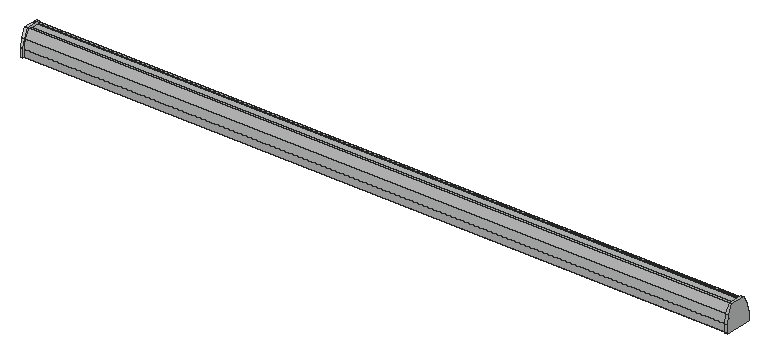
Revit family "LIRA", category Осветительные приборы, Revit 2019 (continued)
Types (6, lengths in mm): name | built-in parameter 1150134 | built-in parameter 1150105 | Lumens | built-in parameter 1150106 | built-in parameter 1150142 | Wattage | built-in parameter 1150107 | Emit from Rectangle Length | Длина | ADSK_Ток | ADSK_Полная мощность | ADSK_Обозначение | ADSK_Номинальная мощность | ADSK_Наименование | ADSK_Масса | ADSK_Код изделия
  LIRA-76/OPAL-2400/IP65  (5000К, серый) | 2 | 620.7 (stored number, unit not read) | 7800 lm | 6.207 (stored number, unit not read) | "IESNA:LM-63-95\r\n[TEST] Протокол № 50\r\n[DATA] 17.06.2016\r\n[MORE] \r\n[MANUFAC] ЗАО \"Центрстройсвет\"\r\n[LUMCAT]  Светильник OPERLUX-34/PRISMA-(588x588) \r\n[LUMINAIRE]\r\n[LAMPCAT] Светодиоды\r\n[LAMP] Поток источника света (светодиодов) не известен\r\n[MORE] КСС приведена в абсолютных величинах кд\r\n[MORE] Вместо потока лампы, указан поток светильника.\r\nTILT=NONE\r\n1    3050 1.0 37 73 1 2 0.588 0.588 0.08\r\n1.0 1.0 34\r\n0.0 5.0 10.0 15.0 20.0 25.0 30.0 35.0 40.0 45.0 50.0 55.0 60.0 65.0 70.0 75.0 80.0 85.0 90.0 95.0 100.0 105.0 110.0 115.0 120.0 125.0 130.0 135.0 140.0 145.0 150.0 155.0 160.0 165.0 170.0 175.0 180.0\r\n0.0 5.0 10.0 15.0 20.0 25.0 30.0 35.0 40.0 45.0 50.0 55.0 60.0 65.0 70.0 75.0 80.0 85.0 90.0 95.0 100.0 105.0 110.0 115.0 120.0 125.0 130.0 135.0 140.0 145.0 150.0 155.0 160.0 165.0 170.0 175.0 180.0 185.0 190.0 195.0 200.0 205.0 210.0 215.0 220.0 225.0 230.0 235.0 240.0 245.0 250.0 255.0 260.0 265.0 270.0 275.0 280.0 285.0 290.0 295.0 300.0 305.0 310.0 315.0 320.0 325.0 330.0 335.0 340.0 345.0 350.0 355.0 360.0\r\n1367.8 1364.1 1339.9 1310.7 1251.0 1171.4 1077.9 956.5 826.9 709.2 591.4 468.7 352.2 267.2 190.7 130.0 88.6 43.5 5.5 0.0 0.0 0.0 0.0 0.0 0.0 0.0 0.0 0.0 0.0 0.0 0.0 0.0 0.0 0.0 0.0 0.0 0.0\r\n1367.8 1365.7 1344.6 1309.2 1251.5 1175.2 1073.4 954.2 830.4 711.2 594.6 469.5 356.0 268.7 191.9 132.6 89.9 43.9 6.3 0.0 0.0 0.0 0.0 0.0 0.0 0.0 0.0 0.0 0.0 0.0 0.0 0.0 0.0 0.0 0.0 0.0 0.0\r\n1367.8 1367.4 1347.2 1302.8 1251.5 1178.6 1078.4 958.6 835.1 714.0 597.2 474.3 359.6 268.7 192.7 135.6 92.1 44.3 6.9 0.0 0.0 0.0 0.0 0.0 0.0 0.0 0.0 0.0 0.0 0.0 0.0 0.0 0.0 0.0 0.0 0.0 0.0\r\n1367.8 1368.2 1346.2 1303.1 1250.1 1177.1 1081.4 960.9 838.1 716.2 597.6 475.0 358.6 266.4 190.9 134.8 91.7 44.9 7.0 0.0 0.0 0.0 0.0 0.0 0.0 0.0 0.0 0.0 0.0 0.0 0.0 0.0 0.0 0.0 0.0 0.0 0.0\r\n1367.8 1367.7 1343.5 1306.2 1256.1 1180.0 1081.0 961.6 838.1 714.0 595.7 473.1 356.8 262.2 188.3 132.8 89.3 43.7 6.6 0.0 0.0 0.0 0.0 0.0 0.0 0.0 0.0 0.0 0.0 0.0 0.0 0.0 0.0 0.0 0.0 0.0 0.0\r\n1367.8 1366.2 1344.8 1309.0 1256.2 1184.6 1080.4 962.6 836.8 714.8 593.8 469.6 354.4 260.1 184.9 130.4 88.4 44.2 6.5 0.0 0.0 0.0 0.0 0.0 0.0 0.0 0.0 0.0 0.0 0.0 0.0 0.0 0.0 0.0 0.0 0.0 0.0\r\n1367.8 1364.3 1347.6 1312.1 1259.9 1177.4 1078.5 968.2 849.1 721.6 596.0 467.2 355.0 257.4 183.3 127.1 87.5 45.4 6.5 0.0 0.0 0.0 0.0 0.0 0.0 0.0 0.0 0.0 0.0 0.0 0.0 0.0 0.0 0.0 0.0 0.0 0.0\r\n1367.8 1363.3 1348.8 1312.0 1262.8 1181.2 1077.4 968.8 853.2 730.0 597.2 466.8 353.5 256.9 181.1 124.8 87.2 45.9 6.9 0.0 0.0 0.0 0.0 0.0 0.0 0.0 0.0 0.0 0.0 0.0 0.0 0.0 0.0 0.0 0.0 0.0 0.0\r\n1367.8 1364.0 1350.3 1308.2 1255.9 1182.2 1079.9 969.0 856.0 734.3 601.1 468.4 352.6 254.4 178.0 121.7 85.5 45.0 6.9 0.0 0.0 0.0 0.0 0.0 0.0 0.0 0.0 0.0 0.0 0.0 0.0 0.0 0.0 0.0 0.0 0.0 0.0\r\n1367.8 1364.9 1349.2 1313.0 1259.2 1178.2 1076.4 970.7 860.9 740.8 606.9 469.1 350.2 254.0 175.6 117.8 83.6 43.4 6.7 0.0 0.0 0.0 0.0 0.0 0.0 0.0 0.0 0.0 0.0 0.0 0.0 0.0 0.0 0.0 0.0 0.0 0.0\r\n1367.8 1365.0 1348.6 1315.3 1261.5 1184.1 1082.6 973.9 862.8 745.2 607.9 469.0 350.5 253.1 173.2 116.2 81.4 42.4 6.5 0.0 0.0 0.0 0.0 0.0 0.0 0.0 0.0 0.0 0.0 0.0 0.0 0.0 0.0 0.0 0.0 0.0 0.0\r\n1367.8 1364.4 1347.9 1315.3 1258.7 1186.3 1085.9 970.5 862.2 747.0 613.0 468.8 350.2 252.8 173.4 116.6 79.8 40.9 6.7 0.0 0.0 0.0 0.0 0.0 0.0 0.0 0.0 0.0 0.0 0.0 0.0 0.0 0.0 0.0 0.0 0.0 0.0\r\n1367.8 1363.4 1347.0 1308.3 1258.6 1184.3 1089.8 973.9 867.7 742.3 606.2 467.0 350.0 252.6 175.4 119.1 79.8 42.1 7.1 0.0 0.0 0.0 0.0 0.0 0.0 0.0 0.0 0.0 0.0 0.0 0.0 0.0 0.0 0.0 0.0 0.0 0.0\r\n1367.8 1362.6 1348.4 1308.2 1261.4 1190.2 1088.3 978.6 869.6 744.0 601.1 462.4 350.2 253.6 175.9 123.0 83.5 45.3 7.8 0.0 0.0 0.0 0.0 0.0 0.0 0.0 0.0 0.0 0.0 0.0 0.0 0.0 0.0 0.0 0.0 0.0 0.0\r\n1367.8 1362.3 1347.3 1311.1 1262.3 1191.1 1093.6 982.5 872.1 746.6 597.2 461.1 348.8 251.4 176.3 127.6 89.2 48.5 7.9 0.0 0.0 0.0 0.0 0.0 0.0 0.0 0.0 0.0 0.0 0.0 0.0 0.0 0.0 0.0 0.0 0.0 0.0\r\n1367.8 1362.5 1345.8 1316.1 1260.6 1190.3 1096.8 982.6 873.3 743.8 593.1 456.4 347.2 250.6 175.7 130.9 94.2 51.8 9.3 0.0 0.0 0.0 0.0 0.0 0.0 0.0 0.0 0.0 0.0 0.0 0.0 0.0 0.0 0.0 0.0 0.0 0.0\r\n1367.8 1363.2 1345.2 1315.5 1267.1 1195.5 1096.1 995.9 871.3 740.3 589.0 455.0 342.8 246.9 174.2 131.9 97.1 52.4 10.1 0.0 0.0 0.0 0.0 0.0 0.0 0.0 0.0 0.0 0.0 0.0 0.0 0.0 0.0 0.0 0.0 0.0 0.0\r\n1367.8 1364.5 1346.0 1317.2 1264.0 1194.7 1102.6 991.8 873.9 736.2 584.7 454.3 338.6 243.0 171.3 130.1 99.3 53.7 9.5 0.0 0.0 0.0 0.0 0.0 0.0 0.0 0.0 0.0 0.0 0.0 0.0 0.0 0.0 0.0 0.0 0.0 0.0\r\n1367.8 1365.9 1346.4 1317.1 1264.0 1198.2 1105.3 994.6 872.6 727.7 582.0 451.8 335.8 239.9 168.3 127.6 100.0 55.8 7.5 0.0 0.0 0.0 0.0 0.0 0.0 0.0 0.0 0.0 0.0 0.0 0.0 0.0 0.0 0.0 0.0 0.0 0.0\r\n1367.8 1366.3 1344.9 1317.5 1265.6 1200.4 1108.2 997.2 868.8 722.7 575.8 446.5 333.1 238.4 167.7 126.3 98.1 56.1 8.8 0.0 0.0 0.0 0.0 0.0 0.0 0.0 0.0 0.0 0.0 0.0 0.0 0.0 0.0 0.0 0.0 0.0 0.0\r\n1367.8 1365.9 1344.0 1313.0 1263.2 1200.6 1104.3 997.0 862.7 720.9 568.5 441.0 331.7 237.8 167.7 126.3 96.7 53.7 9.4 0.0 0.0 0.0 0.0 0.0 0.0 0.0 0.0 0.0 0.0 0.0 0.0 0.0 0.0 0.0 0.0 0.0 0.0\r\n1367.8 1365.3 1346.1 1312.6 1263.0 1198.3 1108.1 995.3 861.6 712.7 563.4 437.4 331.4 236.8 165.9 124.7 95.3 55.2 9.1 0.0 0.0 0.0 0.0 0.0 0.0 0.0 0.0 0.0 0.0 0.0 0.0 0.0 0.0 0.0 0.0 0.0 0.0\r\n1367.8 1364.9 1349.2 1313.0 1262.9 1199.0 1108.3 993.8 855.7 710.3 563.1 435.2 329.9 233.9 163.4 121.6 92.0 55.1 8.8 0.0 0.0 0.0 0.0 0.0 0.0 0.0 0.0 0.0 0.0 0.0 0.0 0.0 0.0 0.0 0.0 0.0 0.0\r\n1367.8 1364.1 1352.0 1313.2 1259.2 1197.0 1104.6 988.6 849.9 704.2 562.4 433.5 327.9 230.5 158.4 116.9 87.6 51.4 7.8 0.0 0.0 0.0 0.0 0.0 0.0 0.0 0.0 0.0 0.0 0.0 0.0 0.0 0.0 0.0 0.0 0.0 0.0\r\n1367.8 1363.0 1349.6 1313.3 1257.8 1193.2 1098.7 980.1 848.0 708.1 565.6 433.4 325.1 228.0 154.2 111.3 83.7 49.7 7.5 0.0 0.0 0.0 0.0 0.0 0.0 0.0 0.0 0.0 0.0 0.0 0.0 0.0 0.0 0.0 0.0 0.0 0.0\r\n1367.8 1361.9 1346.7 1314.1 1256.8 1193.2 1093.6 977.6 847.2 708.6 569.1 434.8 324.5 225.9 151.7 107.5 81.6 48.9 7.3 0.0 0.0 0.0 0.0 0.0 0.0 0.0 0.0 0.0 0.0 0.0 0.0 0.0 0.0 0.0 0.0 0.0 0.0\r\n1367.8 1361.2 1345.0 1309.5 1261.1 1193.3 1089.9 973.2 851.1 709.3 572.7 435.0 323.4 225.4 152.1 105.8 80.4 49.9 7.3 0.0 0.0 0.0 0.0 0.0 0.0 0.0 0.0 0.0 0.0 0.0 0.0 0.0 0.0 0.0 0.0 0.0 0.0\r\n1367.8 1360.5 1345.3 1307.2 1258.6 1186.4 1085.9 974.0 847.9 714.1 575.5 436.8 321.2 223.3 152.0 105.2 79.8 49.6 8.0 0.0 0.0 0.0 0.0 0.0 0.0 0.0 0.0 0.0 0.0 0.0 0.0 0.0 0.0 0.0 0.0 0.0 0.0\r\n1367.8 1360.0 1344.3 1308.1 1257.8 1178.2 1085.3 975.1 848.7 715.2 575.4 439.1 318.7 223.0 150.8 104.3 79.3 49.5 8.2 0.0 0.0 0.0 0.0 0.0 0.0 0.0 0.0 0.0 0.0 0.0 0.0 0.0 0.0 0.0 0.0 0.0 0.0\r\n1367.8 1360.5 1346.2 1311.6 1256.3 1174.7 1082.9 978.6 851.4 710.5 574.9 440.6 317.9 221.6 152.3 106.4 79.3 48.7 8.4 0.0 0.0 0.0 0.0 0.0 0.0 0.0 0.0 0.0 0.0 0.0 0.0 0.0 0.0 0.0 0.0 0.0 0.0\r\n1367.8 1361.9 1350.3 1309.3 1252.2 1172.6 1080.3 970.8 851.2 713.3 570.6 439.7 319.0 222.4 154.5 110.7 81.7 47.4 8.1 0.0 0.0 0.0 0.0 0.0 0.0 0.0 0.0 0.0 0.0 0.0 0.0 0.0 0.0 0.0 0.0 0.0 0.0\r\n1367.8 1363.7 1348.0 1307.6 1253.5 1171.4 1087.1 971.6 851.9 710.7 569.9 438.2 323.8 226.5 159.3 115.4 83.3 45.0 7.6 0.0 0.0 0.0 0.0 0.0 0.0 0.0 0.0 0.0 0.0 0.0 0.0 0.0 0.0 0.0 0.0 0.0 0.0\r\n1367.8 1365.3 1346.4 1312.3 1251.8 1172.7 1086.5 974.6 847.7 705.0 567.7 442.4 326.6 234.0 164.3 120.1 85.8 43.9 7.4 0.0 0.0 0.0 0.0 0.0 0.0 0.0 0.0 0.0 0.0 0.0 0.0 0.0 0.0 0.0 0.0 0.0 0.0\r\n1367.8 1366.2 1347.0 1309.1 1250.4 1170.7 1085.2 978.5 846.6 705.8 567.4 441.3 331.1 236.3 167.7 122.8 88.4 45.0 8.1 0.0 0.0 0.0 0.0 0.0 0.0 0.0 0.0 0.0 0.0 0.0 0.0 0.0 0.0 0.0 0.0 0.0 0.0\r\n1367.8 1366.0 1347.9 1306.2 1240.5 1166.7 1082.2 977.2 844.2 702.8 566.8 442.7 335.1 241.3 169.7 123.7 90.0 45.9 9.2 0.0 0.0 0.0 0.0 0.0 0.0 0.0 0.0 0.0 0.0 0.0 0.0 0.0 0.0 0.0 0.0 0.0 0.0\r\n1367.8 1364.3 1346.5 1311.7 1250.6 1170.3 1080.9 980.5 844.4 703.8 569.8 446.4 334.2 240.3 169.5 121.7 87.9 46.9 9.3 0.0 0.0 0.0 0.0 0.0 0.0 0.0 0.0 0.0 0.0 0.0 0.0 0.0 0.0 0.0 0.0 0.0 0.0\r\n1367.8 1361.6 1341.0 1307.3 1249.6 1169.2 1088.8 980.5 845.1 706.2 571.7 444.8 333.0 238.4 168.9 120.7 87.1 47.8 7.8 0.0 0.0 0.0 0.0 0.0 0.0 0.0 0.0 0.0 0.0 0.0 0.0 0.0 0.0 0.0 0.0 0.0 0.0\r\n1367.8 1359.4 1337.2 1303.3 1252.4 1170.4 1080.4 978.1 841.4 701.4 566.4 444.4 333.5 241.2 169.4 122.2 88.2 47.2 9.5 0.0 0.0 0.0 0.0 0.0 0.0 0.0 0.0 0.0 0.0 0.0 0.0 0.0 0.0 0.0 0.0 0.0 0.0\r\n1367.8 1359.3 1342.6 1310.3 1242.7 1173.0 1078.8 976.3 844.8 702.0 565.3 440.7 332.8 240.9 169.9 123.5 89.5 46.1 9.1 0.0 0.0 0.0 0.0 0.0 0.0 0.0 0.0 0.0 0.0 0.0 0.0 0.0 0.0 0.0 0.0 0.0 0.0\r\n1367.8 1361.3 1345.4 1306.4 1248.2 1167.7 1080.4 980.5 846.8 703.5 567.2 443.4 333.2 240.2 168.7 123.1 88.4 46.2 8.4 0.0 0.0 0.0 0.0 0.0 0.0 0.0 0.0 0.0 0.0 0.0 0.0 0.0 0.0 0.0 0.0 0.0 0.0\r\n1367.8 1364.4 1343.1 1308.2 1251.3 1170.9 1084.2 980.8 848.5 707.7 571.1 445.6 332.7 238.1 167.5 120.7 85.6 44.6 7.7 0.0 0.0 0.0 0.0 0.0 0.0 0.0 0.0 0.0 0.0 0.0 0.0 0.0 0.0 0.0 0.0 0.0 0.0\r\n1367.8 1366.7 1342.9 1310.2 1254.3 1176.8 1087.8 981.7 853.4 711.9 574.2 446.0 329.4 232.8 162.6 116.6 83.7 45.3 8.1 0.0 0.0 0.0 0.0 0.0 0.0 0.0 0.0 0.0 0.0 0.0 0.0 0.0 0.0 0.0 0.0 0.0 0.0\r\n1367.8 1367.7 1346.5 1310.6 1258.1 1183.1 1085.5 978.6 854.1 714.2 577.9 448.7 327.1 229.4 158.3 112.1 82.0 47.9 9.0 0.0 0.0 0.0 0.0 0.0 0.0 0.0 0.0 0.0 0.0 0.0 0.0 0.0 0.0 0.0 0.0 0.0 0.0\r\n1367.8 1367.3 1348.0 1310.6 1262.6 1180.1 1086.5 982.6 856.7 719.8 579.9 448.7 324.7 226.8 155.7 107.8 80.3 50.1 9.5 0.0 0.0 0.0 0.0 0.0 0.0 0.0 0.0 0.0 0.0 0.0 0.0 0.0 0.0 0.0 0.0 0.0 0.0\r\n1367.8 1365.6 1348.6 1309.9 1259.0 1186.0 1089.0 979.4 855.0 722.2 584.2 450.5 325.6 227.6 155.8 107.2 80.5 51.4 9.6 0.0 0.0 0.0 0.0 0.0 0.0 0.0 0.0 0.0 0.0 0.0 0.0 0.0 0.0 0.0 0.0 0.0 0.0\r\n1367.8 1363.3 1347.7 1306.8 1261.1 1190.7 1095.5 982.3 860.8 723.2 585.7 446.3 327.8 230.3 158.2 109.3 81.7 51.4 9.3 0.0 0.0 0.0 0.0 0.0 0.0 0.0 0.0 0.0 0.0 0.0 0.0 0.0 0.0 0.0 0.0 0.0 0.0\r\n1367.8 1361.0 1344.4 1306.7 1264.4 1191.7 1095.0 984.8 858.7 723.1 583.6 444.8 328.4 232.3 158.6 109.9 81.8 51.7 9.0 0.0 0.0 0.0 0.0 0.0 0.0 0.0 0.0 0.0 0.0 0.0 0.0 0.0 0.0 0.0 0.0 0.0 0.0\r\n1367.8 1359.1 1344.3 1308.4 1263.8 1198.1 1102.2 989.8 861.5 721.8 582.8 444.8 331.3 233.7 158.6 111.1 83.0 50.9 8.9 0.0 0.0 0.0 0.0 0.0 0.0 0.0 0.0 0.0 0.0 0.0 0.0 0.0 0.0 0.0 0.0 0.0 0.0\r\n1367.8 1357.8 1346.5 1313.8 1263.6 1192.7 1107.0 996.3 859.5 718.8 579.1 442.9 332.1 234.9 160.7 114.1 84.6 51.0 9.2 0.0 0.0 0.0 0.0 0.0 0.0 0.0 0.0 0.0 0.0 0.0 0.0 0.0 0.0 0.0 0.0 0.0 0.0\r\n1367.8 1357.7 1347.3 1313.2 1264.3 1198.9 1108.1 998.6 864.9 718.7 573.2 441.1 332.1 237.8 164.0 118.2 87.5 52.0 9.8 0.0 0.0 0.0 0.0 0.0 0.0 0.0 0.0 0.0 0.0 0.0 0.0 0.0 0.0 0.0 0.0 0.0 0.0\r\n1367.8 1358.5 1346.9 1313.1 1266.5 1195.6 1112.2 1002.8 870.4 722.5 574.7 443.8 335.7 239.1 166.4 121.6 91.2 55.8 10.9 0.0 0.0 0.0 0.0 0.0 0.0 0.0 0.0 0.0 0.0 0.0 0.0 0.0 0.0 0.0 0.0 0.0 0.0\r\n1367.8 1359.8 1344.7 1312.9 1269.5 1203.1 1107.5 1002.6 874.5 724.4 574.3 444.8 335.5 240.3 169.6 124.4 94.2 56.9 11.6 0.0 0.0 0.0 0.0 0.0 0.0 0.0 0.0 0.0 0.0 0.0 0.0 0.0 0.0 0.0 0.0 0.0 0.0\r\n1367.8 1361.7 1344.5 1316.7 1266.1 1199.3 1111.1 1004.7 879.7 733.6 577.6 446.7 337.8 241.2 168.7 126.0 96.3 56.5 11.7 0.0 0.0 0.0 0.0 0.0 0.0 0.0 0.0 0.0 0.0 0.0 0.0 0.0 0.0 0.0 0.0 0.0 0.0\r\n1367.8 1363.9 1346.7 1316.2 1265.7 1198.1 1117.1 1006.7 882.1 737.2 586.5 450.4 338.9 242.3 167.8 125.5 98.6 58.1 10.5 0.0 0.0 0.0 0.0 0.0 0.0 0.0 0.0 0.0 0.0 0.0 0.0 0.0 0.0 0.0 0.0 0.0 0.0\r\n1367.8 1365.2 1345.4 1319.5 1265.7 1198.8 1109.1 1003.5 876.9 742.6 589.1 456.4 341.1 242.1 167.5 126.8 100.2 57.9 8.8 0.0 0.0 0.0 0.0 0.0 0.0 0.0 0.0 0.0 0.0 0.0 0.0 0.0 0.0 0.0 0.0 0.0 0.0\r\n1367.8 1365.0 1345.2 1312.9 1265.8 1199.0 1109.7 999.6 877.6 742.6 595.8 457.7 342.1 245.3 170.4 128.5 99.0 56.9 11.0 0.0 0.0 0.0 0.0 0.0 0.0 0.0 0.0 0.0 0.0 0.0 0.0 0.0 0.0 0.0 0.0 0.0 0.0\r\n1367.8 1364.1 1347.9 1311.6 1271.1 1195.3 1102.7 998.9 881.1 745.5 597.2 460.9 345.1 248.6 174.0 129.7 96.5 55.6 11.2 0.0 0.0 0.0 0.0 0.0 0.0 0.0 0.0 0.0 0.0 0.0 0.0 0.0 0.0 0.0 0.0 0.0 0.0\r\n1367.8 1363.0 1347.3 1314.0 1269.6 1192.3 1104.9 991.5 878.3 748.8 603.5 463.3 348.1 251.3 177.2 130.4 94.2 55.0 10.3 0.0 0.0 0.0 0.0 0.0 0.0 0.0 0.0 0.0 0.0 0.0 0.0 0.0 0.0 0.0 0.0 0.0 0.0\r\n1367.8 1362.4 1346.2 1314.7 1264.3 1194.7 1094.8 992.0 878.4 749.1 608.2 465.6 349.4 252.9 177.2 127.6 90.1 51.7 8.7 0.0 0.0 0.0 0.0 0.0 0.0 0.0 0.0 0.0 0.0 0.0 0.0 0.0 0.0 0.0 0.0 0.0 0.0\r\n1367.8 1362.7 1348.0 1314.5 1265.5 1196.6 1094.9 983.4 872.0 752.6 609.3 469.0 352.6 254.1 177.1 125.0 85.8 47.2 8.1 0.0 0.0 0.0 0.0 0.0 0.0 0.0 0.0 0.0 0.0 0.0 0.0 0.0 0.0 0.0 0.0 0.0 0.0\r\n1367.8 1362.9 1347.6 1317.1 1264.6 1191.1 1090.4 981.6 868.8 748.7 612.1 472.2 352.0 253.6 176.2 121.4 83.1 43.4 6.9 0.0 0.0 0.0 0.0 0.0 0.0 0.0 0.0 0.0 0.0 0.0 0.0 0.0 0.0 0.0 0.0 0.0 0.0\r\n1367.8 1362.5 1343.6 1318.7 1268.8 1192.3 1085.5 974.5 866.1 750.5 612.3 472.0 350.7 253.1 174.7 119.5 83.2 43.3 6.3 0.0 0.0 0.0 0.0 0.0 0.0 0.0 0.0 0.0 0.0 0.0 0.0 0.0 0.0 0.0 0.0 0.0 0.0\r\n1367.8 1362.1 1341.3 1317.3 1267.8 1185.0 1082.2 972.1 864.2 747.6 611.4 473.0 350.1 254.2 174.7 118.9 84.4 45.4 6.1 0.0 0.0 0.0 0.0 0.0 0.0 0.0 0.0 0.0 0.0 0.0 0.0 0.0 0.0 0.0 0.0 0.0 0.0\r\n1367.8 1362.2 1343.6 1308.9 1260.0 1189.4 1084.9 971.7 859.6 740.4 606.9 470.8 351.4 253.9 176.6 120.3 86.5 45.9 6.5 0.0 0.0 0.0 0.0 0.0 0.0 0.0 0.0 0.0 0.0 0.0 0.0 0.0 0.0 0.0 0.0 0.0 0.0\r\n1367.8 1363.0 1342.9 1314.5 1263.9 1184.9 1081.6 971.9 853.4 735.2 605.3 467.7 352.3 254.8 180.1 122.7 87.8 46.6 6.8 0.0 0.0 0.0 0.0 0.0 0.0 0.0 0.0 0.0 0.0 0.0 0.0 0.0 0.0 0.0 0.0 0.0 0.0\r\n1367.8 1364.3 1340.2 1313.1 1261.0 1182.5 1084.4 971.4 852.3 730.7 600.0 466.2 354.3 255.8 181.2 124.6 88.4 46.8 6.6 0.0 0.0 0.0 0.0 0.0 0.0 0.0 0.0 0.0 0.0 0.0 0.0 0.0 0.0 0.0 0.0 0.0 0.0\r\n1367.8 1365.9 1343.5 1308.2 1258.3 1181.3 1083.1 966.4 845.6 721.0 594.9 467.0 352.2 259.1 183.4 126.7 88.1 45.4 6.1 0.0 0.0 0.0 0.0 0.0 0.0 0.0 0.0 0.0 0.0 0.0 0.0 0.0 0.0 0.0 0.0 0.0 0.0\r\n1367.8 1366.3 1345.1 1308.7 1254.7 1177.8 1080.9 969.9 838.6 714.9 593.4 465.7 351.7 258.6 185.5 129.6 88.1 44.0 5.9 0.0 0.0 0.0 0.0 0.0 0.0 0.0 0.0 0.0 0.0 0.0 0.0 0.0 0.0 0.0 0.0 0.0 0.0\r\n1367.8 1364.5 1343.2 1306.3 1248.4 1177.3 1082.4 962.7 833.3 713.0 595.0 468.9 352.8 260.9 187.3 132.3 88.7 43.5 6.0 0.0 0.0 0.0 0.0 0.0 0.0 0.0 0.0 0.0 0.0 0.0 0.0 0.0 0.0 0.0 0.0 0.0 0.0\r\n1367.8 1362.4 1346.0 1305.7 1255.8 1170.9 1078.4 956.8 832.7 709.6 592.6 470.6 355.6 263.8 189.2 133.7 90.3 44.0 6.3 0.0 0.0 0.0 0.0 0.0 0.0 0.0 0.0 0.0 0.0 0.0 0.0 0.0 0.0 0.0 0.0 0.0 0.0\r\n1367.8 1362.0 1346.8 1311.0 1252.6 1177.3 1074.5 958.3 825.6 709.7 591.0 467.7 356.3 264.6 188.4 133.0 90.3 43.3 6.2 0.0 0.0 0.0 0.0 0.0 0.0 0.0 0.0 0.0 0.0 0.0 0.0 0.0 0.0 0.0 0.0 0.0 0.0\r\n1367.8 1363.0 1341.5 1311.3 1242.3 1175.5 1082.4 953.9 818.8 707.4 591.0 466.6 352.5 265.4 188.6 130.9 89.0 43.1 6.3 0.0 0.0 0.0 0.0 0.0 0.0 0.0 0.0 0.0 0.0 0.0 0.0 0.0 0.0 0.0 0.0 0.0 0.0\r\n1367.8 1364.1 1339.9 1310.7 1251.0 1171.4 1077.9 956.5 826.9 709.2 591.4 468.7 352.2 267.2 190.7 130.0 88.6 43.5 5.5 0.0 0.0 0.0 0.0 0.0 0.0 0.0 0.0 0.0 0.0 0.0 0.0 0.0 0.0 0.0 0.0 0.0 0.0\r\n" | 52.5104 W | 5000 (stored number, unit not read) | 2400 | 2420 | 0.359168 A | 82.6087 VA | "LIRA-76/OPAL-2400/IP65  (5000К, серый)" | 76 W | "Светодиодный пылевлагозащищенный светильник LIRA-76/OPAL-2400/IP65  (5000К, серый)" | 5.5 | "ЦБ000009479"
